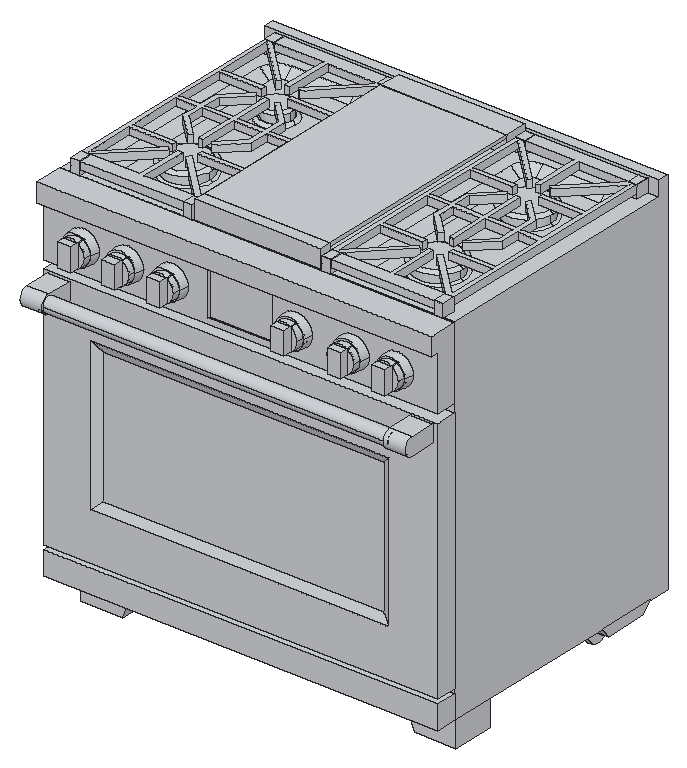
Revit family "DF36450G_S_P", category Generic Models, Revit 2020
Family settings
  Can host rebar = No
  Round Connector Dimension = Use Diameter
  Part Type = Normal
  Work Plane-Based = No
  Always vertical = Yes
  Cut with Voids When Loaded = No
  Shared = No
  Room Calculation Point = No
Parameters
  Default Elevation = 0' - 0"
Reference planes (in)
  plane 1 "Center (Front/Back)": y = 0
  plane 2: z = 0
  plane 3 "Center (Left/Right)": x = 0
Forms (in)
  Extrusion 1, solid
    sketch origin (0, 0, 0) x (0, 1, 0) y (0, 0, 1)
      loop
        line (1.88976, 35.59055) -> (-0.70866, 35.59055) -> (-0.70866, 33.89764) -> (0, 33.89764) -> (0, 28.9252) -> (1.88976, 28.9252) -> (1.88976, 35.59055)
    from 0 to 35.86614
  Extrusion 2, solid
    sketch origin (0, 0, 0) x (0, 1, 0) y (0, 0, 1)
      loop
        line (26.14173, 36.9685) -> (25.15748, 36.9685) -> (25.15748, 35.59055) -> (1.9685, 35.59055) -> (1.9685, 3.14961) -> (26.14173, 3.14961) -> (26.14173, 36.9685)
    from 0 to 35.86614
  Extrusion 3, solid
    sketch origin (0, 0, 0) x (0, 1, 0) y (0, 0, 1)
      loop
        line (1.9685, 5.31496) -> (0, 5.31496) -> (0, 3.14961) -> (1.9685, 3.14961) -> (1.9685, 5.31496)
    from 0 to 35.86614
  Extrusion 4, solid
    sketch origin (0, 0, 0) x (0, 1, 0) y (0, 0, 1)
      loop
        line (0, 28.18898) -> (0, 5.70866) -> (1.9685, 5.70866) -> (1.9685, 28.18898) -> (0, 28.18898)
    from 0 to 35.86614
  Extrusion 5, solid
    sketch origin (0, 0, 0) x (0, 1, 0) y (0, 0, 1)
      loop
        line (0, 26.41732) -> (0, 27.99213) -> (-2.3622, 27.99213)
        arc (-2.3622, 27.99213) -> (-3.14961, 27.20472) -> (-2.3622, 26.41732) r 0.7874
        line (-2.3622, 26.41732) -> (0, 26.41732)
    from 0.40557 to 2.36419
  Extrusion 6, solid
    sketch origin (26.75, 0, 0) x (0, 1, 0) y (0, 0, 1)
      loop
        line (0, 26.41732) -> (0, 27.99213) -> (-2.3622, 27.99213)
        arc (-2.3622, 27.99213) -> (-3.14961, 27.20472) -> (-2.3622, 26.41732) r 0.7874
        line (-2.3622, 26.41732) -> (0, 26.41732)
    from 6.69488 to 8.70866
  Extrusion 7, solid
    sketch origin (0, 0, 0) x (0, 1, 0) y (0, 0, 1)
      loop
        circle (-2.41707, 27.24489) r 0.66649
    from 1.8261 to 33.83672
  Extrusion 8, solid
    sketch origin (0, 0, 0) x (1, 0, 0) y (0, 0, 1)
      loop
        line (0.84646, 3.14961) -> (0.84646, 0) -> (4.66535, 0) -> (5.90551, 3.14961) -> (0.84646, 3.14961)
    from -7.02923 to -3.18791
  Extrusion 9, solid
    sketch origin (5.98425, 0, 0) x (1, 0, 0) y (0, 0, 1)
      loop
        line (23.97638, 3.14961) -> (25.21654, 0) -> (29.03543, 0) -> (29.03543, 3.14961) -> (23.97638, 3.14961)
    from -7.02923 to -3.18791
  Extrusion 10, solid
    sketch origin (0, 0, 0) x (0, 1, 0) y (0, 0, 1)
      loop
        line (24.17323, 3.14961) -> (18.66142, 3.14961) -> (19.45248, 2.27893) -> (23.38927, 2.27893) -> (24.17323, 3.14961)
    from 0 to 4.72441
  Extrusion 11, solid
    sketch origin (0, 0, 0) x (0, 1, 0) y (0, 0, 1)
      loop
        line (22.5954, 2.27893) -> (20.23924, 2.27893) -> (21.02362, 1.10236) -> (21.81102, 1.10236) -> (22.5954, 2.27893)
    from 1.5748 to 3.93701
  Extrusion 12, solid
    sketch origin (0, 0, 0) x (0, 1, 0) y (0, 0, 1)
      loop
        circle (21.41732, 1.10236) r 1.1236
    from 2.55906 to 2.95276
  Extrusion 13, solid
    sketch origin (31.14173, 0, 0) x (0, 1, 0) y (0, 0, 1)
      loop
        line (24.17323, 3.14961) -> (18.66142, 3.14961) -> (19.45248, 2.27893) -> (23.38927, 2.27893) -> (24.17323, 3.14961)
    from 0 to 4.72441
  Extrusion 14, solid
    sketch origin (30.35735, 0, 0) x (0, 1, 0) y (0, 0, 1)
      loop
        line (22.5954, 2.27893) -> (20.23924, 2.27893) -> (21.02362, 1.10236) -> (21.81102, 1.10236) -> (22.5954, 2.27893)
    from 1.5748 to 3.93701
  Extrusion 15, solid
    sketch origin (30.35735, 0, 0) x (0, 1, 0) y (0, 0, 1)
      loop
        circle (21.41732, 1.10236) r 1.1236
    from 2.55906 to 2.95276
  Blend 16, solid
    base sketch origin (0, 0, 0) x (1, 0, 0) y (0, 0, 1)
      loop
        circle (3.62205, 31.31299) r 1.45314
    top sketch origin (0, 0, 0) x (1, 0, 0) y (0, 0, 1)
      loop
        circle (3.62205, 31.31299) r 1.33532
    from 0 to 0.7874
  Extrusion 17, solid
    sketch origin (0, 0, 0) x (1, 0, 0) y (0, 0, 1)
      loop
        circle (3.62205, 31.31299) r 1.21601
    from 0 to 1.37795
  Extrusion 18, solid
    sketch origin (0, 0, 0) x (1, 0, 0) y (0, 0, 1)
      loop
        line (3.0315, 32.37598) -> (3.0315, 30.29013) -> (4.2126, 30.29013) -> (4.2126, 32.37598) -> (3.0315, 32.37598)
    from 0 to 2.15573
  Blend 19, solid, not visible
    base sketch origin (0, 0, 0) x (1, 0, 0) y (0, 0, 1)
      loop
        circle (3.62205, 31.31299) r 1.45314
    top sketch origin (0, 0, 0) x (1, 0, 0) y (0, 0, 1)
      loop
        circle (3.62205, 31.31299) r 1.33532
    from 0 to 0.7874
  Extrusion 20, solid, not visible
    sketch origin (0, 0, 0) x (1, 0, 0) y (0, 0, 1)
      loop
        circle (3.62205, 31.31299) r 1.21601
    from 0 to 1.37795
  Extrusion 21, solid, not visible
    sketch origin (0, 0, 0) x (1, 0, 0) y (0, 0, 1)
      loop
        line (3.0315, 32.37598) -> (3.0315, 30.29013) -> (4.2126, 30.29013) -> (4.2126, 32.37598) -> (3.0315, 32.37598)
    from 0 to 2.15573
  Blend 22, solid
    base sketch origin (4.01575, 0, 0) x (1, 0, 0) y (0, 0, 1)
      loop
        circle (3.62205, 31.31299) r 1.45314
    top sketch origin (4.01575, 0, 0) x (1, 0, 0) y (0, 0, 1)
      loop
        circle (3.62205, 31.31299) r 1.33532
    from 0 to 0.7874
  Extrusion 23, solid
    sketch origin (4.01575, 0, 0) x (1, 0, 0) y (0, 0, 1)
      loop
        circle (3.62205, 31.31299) r 1.21601
    from 0 to 1.37795
  Extrusion 24, solid
    sketch origin (4.01575, 0, 0) x (1, 0, 0) y (0, 0, 1)
      loop
        line (3.0315, 32.37598) -> (3.0315, 30.29013) -> (4.2126, 30.29013) -> (4.2126, 32.37598) -> (3.0315, 32.37598)
    from 0 to 2.15573
  Blend 25, solid
    base sketch origin (8.09755, 0, 0) x (1, 0, 0) y (0, 0, 1)
      loop
        circle (3.62205, 31.31299) r 1.45314
    top sketch origin (8.09755, 0, 0) x (1, 0, 0) y (0, 0, 1)
      loop
        circle (3.62205, 31.31299) r 1.33532
    from 0 to 0.7874
  Extrusion 26, solid
    sketch origin (8.09755, 0, 0) x (1, 0, 0) y (0, 0, 1)
      loop
        circle (3.62205, 31.31299) r 1.21601
    from 0 to 1.37795
  Extrusion 27, solid
    sketch origin (8.09755, 0, 0) x (1, 0, 0) y (0, 0, 1)
      loop
        line (3.0315, 32.37598) -> (3.0315, 30.29013) -> (4.2126, 30.29013) -> (4.2126, 32.37598) -> (3.0315, 32.37598)
    from 0 to 2.15573
  Blend 28, solid
    base sketch origin (19.36322, 0, 0) x (1, 0, 0) y (0, 0, 1)
      loop
        circle (3.62205, 31.31299) r 1.45314
    top sketch origin (19.36322, 0, 0) x (1, 0, 0) y (0, 0, 1)
      loop
        circle (3.62205, 31.31299) r 1.33532
    from 0 to 0.7874
  Extrusion 29, solid
    sketch origin (19.36322, 0, 0) x (1, 0, 0) y (0, 0, 1)
      loop
        circle (3.62205, 31.31299) r 1.21601
    from 0 to 1.37795
  Extrusion 30, solid
    sketch origin (19.36322, 0, 0) x (1, 0, 0) y (0, 0, 1)
      loop
        line (3.0315, 32.37598) -> (3.0315, 30.29013) -> (4.2126, 30.29013) -> (4.2126, 32.37598) -> (3.0315, 32.37598)
    from 0 to 2.15573
  Blend 31, solid
    base sketch origin (24.52756, 0, 0) x (1, 0, 0) y (0, 0, 1)
      loop
        circle (3.62205, 31.31299) r 1.45314
    top sketch origin (24.52756, 0, 0) x (1, 0, 0) y (0, 0, 1)
      loop
        circle (3.62205, 31.31299) r 1.33532
    from 0 to 0.7874
  Extrusion 32, solid
    sketch origin (24.52756, 0, 0) x (1, 0, 0) y (0, 0, 1)
      loop
        circle (3.62205, 31.31299) r 1.21601
    from 0 to 1.37795
  Extrusion 33, solid
    sketch origin (24.52756, 0, 0) x (1, 0, 0) y (0, 0, 1)
      loop
        line (3.0315, 32.37598) -> (3.0315, 30.29013) -> (4.2126, 30.29013) -> (4.2126, 32.37598) -> (3.0315, 32.37598)
    from 0 to 2.15573
  Extrusion 34, void
    sketch origin (0, 0, 0) x (1, 0, 0) y (0, 0, 1)
      loop
        line (20.89567, 33.47638) -> (14.96654, 33.47638) -> (14.96654, 29.46063) -> (20.89567, 29.46063) -> (20.89567, 33.47638)
    from -0.22861 to 12
  Blend 35, void
    base sketch origin (0, 0, 0) x (1, 0, 0) y (0, 0, 1)
      loop
        line (5.09843, 23.05118) -> (5.09843, 10.84646) -> (30.62992, 10.84646) -> (30.62992, 23.05118) -> (5.09843, 23.05118)
    top sketch origin (0, 0, 0) x (1, 0, 0) y (0, 0, 1)
      loop
        line (31.41732, 23.83858) -> (4.31102, 23.83858) -> (4.31102, 10.05905) -> (31.41732, 10.05905) -> (31.41732, 23.83858)
    from -0.3937 to 0
  Blend 36, void
    base sketch origin (-0.55118, 0, 0) x (1, 0, 0) y (0, 1, 0)
      loop
        arc (4.14855, 22.95276) -> (3.56747, 22.71206) -> (3.32677, 22.13098) r 0.82178
        line (3.32677, 22.13098) -> (3.32677, 4.8769)
        arc (3.32677, 4.8769) -> (3.56747, 4.29581) -> (4.14855, 4.05512) r 0.82178
        line (4.14855, 4.05512) -> (9.98531, 4.05512)
        arc (9.98531, 4.05512) -> (10.56639, 4.29581) -> (10.80709, 4.8769) r 0.82178
        line (10.80709, 4.8769) -> (10.80709, 22.13098)
        arc (10.80709, 22.13098) -> (10.56639, 22.71206) -> (9.98531, 22.95276) r 0.82178
        line (9.98531, 22.95276) -> (4.14855, 22.95276)
    top sketch origin (-0.55118, 0, 0) x (1, 0, 0) y (0, 1, 0)
      loop
        arc (4.12346, 23.74016) -> (2.98272, 23.26764) -> (2.5102, 22.1269) r 1.61326
        line (2.5102, 22.1269) -> (2.5102, 4.8769)
        arc (2.5102, 4.8769) -> (2.98101, 3.74026) -> (4.11765, 3.26945) r 1.60744
        line (4.11765, 3.26945) -> (10.0306, 3.26945)
        arc (10.0306, 3.26945) -> (11.13644, 3.7275) -> (11.59449, 4.83334) r 1.56388
        line (11.59449, 4.83334) -> (11.59449, 22.13098)
        arc (11.59449, 22.13098) -> (11.12317, 23.26884) -> (9.98531, 23.74016) r 1.60918
        line (9.98531, 23.74016) -> (4.12346, 23.74016)
    from 34.80848 to 35.59055
  Blend 37, void
    base sketch origin (22.28547, 0, 0) x (1, 0, 0) y (0, 1, 0)
      loop
        arc (4.14855, 22.95276) -> (3.56747, 22.71206) -> (3.32677, 22.13098) r 0.82178
        line (3.32677, 22.13098) -> (3.32677, 4.8769)
        arc (3.32677, 4.8769) -> (3.56747, 4.29581) -> (4.14855, 4.05512) r 0.82178
        line (4.14855, 4.05512) -> (9.98531, 4.05512)
        arc (9.98531, 4.05512) -> (10.56639, 4.29581) -> (10.80709, 4.8769) r 0.82178
        line (10.80709, 4.8769) -> (10.80709, 22.13098)
        arc (10.80709, 22.13098) -> (10.56639, 22.71206) -> (9.98531, 22.95276) r 0.82178
        line (9.98531, 22.95276) -> (4.14855, 22.95276)
    top sketch origin (22.28547, 0, 0) x (1, 0, 0) y (0, 1, 0)
      loop
        arc (4.12346, 23.74016) -> (2.98272, 23.26764) -> (2.5102, 22.1269) r 1.61326
        line (2.5102, 22.1269) -> (2.5102, 4.8769)
        arc (2.5102, 4.8769) -> (2.98101, 3.74026) -> (4.11765, 3.26945) r 1.60744
        line (4.11765, 3.26945) -> (10.0306, 3.26945)
        arc (10.0306, 3.26945) -> (11.13644, 3.7275) -> (11.59449, 4.83334) r 1.56388
        line (11.59449, 4.83334) -> (11.59449, 22.13098)
        arc (11.59449, 22.13098) -> (11.12317, 23.26884) -> (9.98531, 23.74016) r 1.60918
        line (9.98531, 23.74016) -> (4.12346, 23.74016)
    from 34.80848 to 35.59055
  Extrusion 38, solid
    sketch origin (-0.55118, 0, 0) x (1, 0, 0) y (0, 1, 0)
      loop
        line (1.55512, 25.15748) -> (1.55512, 1.88976) -> (12.57874, 1.88976) -> (12.57874, 25.15748) -> (1.55512, 25.15748)
      loop
        line (2.22659, 23.93701) -> (6.25887, 19.90473) -> (5.97639, 19.62225) -> (1.94342, 23.65522) -> (1.94342, 18.58268) -> (5.88583, 18.58268) -> (5.88583, 18.18898) -> (1.94342, 18.18898) -> (1.94342, 13.70079) -> (3.91732, 13.70079) -> (3.91732, 15.35713) -> (5.94192, 17.38172) -> (6.22031, 17.10333) -> (4.31102, 15.19405) -> (4.31102, 13.70079) -> (6.87008, 13.70079) -> (6.87008, 17.27886) -> (7.26545, 17.27886) -> (7.26545, 13.70079) -> (9.82036, 13.70079) -> (9.82036, 15.19738) -> (7.91548, 17.10225) -> (8.19345, 17.38021) -> (10.21654, 15.35713) -> (10.21654, 13.70079) -> (12.18504, 13.70079) -> (12.18504, 18.18898) -> (8.24803, 18.18898) -> (8.24803, 18.58268) -> (12.18504, 18.58268) -> (12.18504, 23.65908) -> (8.15161, 19.62565) -> (7.86344, 19.91382) -> (11.88664, 23.93701) -> (7.26378, 23.93701) -> (7.26378, 19.6063) -> (6.87008, 19.6063) -> (6.87008, 23.93701) -> (2.22659, 23.93701)
      loop
        line (9.82036, 11.79288) -> (9.82036, 13.30709) -> (7.26545, 13.30709) -> (7.26545, 9.74409) -> (6.87008, 9.74409) -> (6.87008, 13.30709) -> (4.31102, 13.30709) -> (4.31102, 11.81382) -> (6.22187, 9.90297) -> (5.94348, 9.62459) -> (3.91732, 11.65075) -> (3.91732, 13.31073) -> (1.94342, 13.31073) -> (1.94342, 8.38583) -> (5.88583, 8.38583) -> (5.88583, 7.99213) -> (1.94342, 7.99213) -> (1.94342, 3.37305) -> (5.97438, 7.40401) -> (6.26736, 7.11102) -> (2.22655, 3.07021) -> (6.86986, 3.07021) -> (6.86986, 7.40401) -> (7.26545, 7.40401) -> (7.26545, 3.07021) -> (11.90457, 3.07021) -> (7.84812, 7.12666) -> (8.11918, 7.39772) -> (12.18504, 3.33186) -> (12.18504, 7.99213) -> (8.24803, 7.99213) -> (8.24803, 8.38583) -> (12.18504, 8.38583) -> (12.18504, 13.30709) -> (10.21654, 13.30709) -> (10.21654, 11.65075) -> (8.19038, 9.62459) -> (7.92122, 9.89374) -> (9.82036, 11.79288)
    from 36.10253 to 36.77165
  Extrusion 39, solid
    sketch origin (-0.55118, 0, 0) x (1, 0, 0) y (0, 1, 0)
      loop
        line (11.79134, 3.07021) -> (11.79134, 1.88976) -> (12.57874, 1.88976) -> (12.57874, 3.07021) -> (11.79134, 3.07021)
      loop
        line (12.57874, 25.11811) -> (11.79134, 25.11811) -> (11.79134, 23.93701) -> (12.57874, 23.93701) -> (12.57874, 25.11811)
      loop
        line (1.55512, 25.11811) -> (1.55512, 23.93701) -> (2.34252, 23.93701) -> (2.34252, 25.11811) -> (1.55512, 25.11811)
      loop
        line (2.34252, 3.07021) -> (1.55512, 3.07021) -> (1.55512, 1.88976) -> (2.34252, 1.88976) -> (2.34252, 3.07021)
    from 35.59055 to 36.77165
  Extrusion 40, solid
    sketch origin (22.2818, 0, 0) x (1, 0, 0) y (0, 1, 0)
      loop
        line (1.55512, 25.15748) -> (1.55512, 1.88976) -> (12.57874, 1.88976) -> (12.57874, 25.15748) -> (1.55512, 25.15748)
      loop
        line (2.22659, 23.93701) -> (6.25887, 19.90473) -> (5.97639, 19.62225) -> (1.94342, 23.65522) -> (1.94342, 18.58268) -> (5.88583, 18.58268) -> (5.88583, 18.18898) -> (1.94342, 18.18898) -> (1.94342, 13.70079) -> (3.91732, 13.70079) -> (3.91732, 15.35713) -> (5.94192, 17.38172) -> (6.22031, 17.10333) -> (4.31102, 15.19405) -> (4.31102, 13.70079) -> (6.87008, 13.70079) -> (6.87008, 17.27886) -> (7.26545, 17.27886) -> (7.26545, 13.70079) -> (9.82036, 13.70079) -> (9.82036, 15.19738) -> (7.91548, 17.10225) -> (8.19345, 17.38021) -> (10.21654, 15.35713) -> (10.21654, 13.70079) -> (12.18504, 13.70079) -> (12.18504, 18.18898) -> (8.24803, 18.18898) -> (8.24803, 18.58268) -> (12.18504, 18.58268) -> (12.18504, 23.65908) -> (8.15161, 19.62565) -> (7.86344, 19.91382) -> (11.88664, 23.93701) -> (7.26378, 23.93701) -> (7.26378, 19.6063) -> (6.87008, 19.6063) -> (6.87008, 23.93701) -> (2.22659, 23.93701)
      loop
        line (9.82036, 11.79288) -> (9.82036, 13.30709) -> (7.26545, 13.30709) -> (7.26545, 9.74409) -> (6.87008, 9.74409) -> (6.87008, 13.30709) -> (4.31102, 13.30709) -> (4.31102, 11.81382) -> (6.22187, 9.90297) -> (5.94348, 9.62459) -> (3.91732, 11.65075) -> (3.91732, 13.31073) -> (1.94342, 13.31073) -> (1.94342, 8.38583) -> (5.88583, 8.38583) -> (5.88583, 7.99213) -> (1.94342, 7.99213) -> (1.94342, 3.37305) -> (5.97438, 7.40401) -> (6.26736, 7.11102) -> (2.22655, 3.07021) -> (6.86986, 3.07021) -> (6.86986, 7.40401) -> (7.26545, 7.40401) -> (7.26545, 3.07021) -> (11.90457, 3.07021) -> (7.84812, 7.12666) -> (8.11918, 7.39772) -> (12.18504, 3.33186) -> (12.18504, 7.99213) -> (8.24803, 7.99213) -> (8.24803, 8.38583) -> (12.18504, 8.38583) -> (12.18504, 13.30709) -> (10.21654, 13.30709) -> (10.21654, 11.65075) -> (8.19038, 9.62459) -> (7.92122, 9.89374) -> (9.82036, 11.79288)
    from 36.10253 to 36.77165
  Extrusion 41, solid
    sketch origin (22.2818, 0, 0) x (1, 0, 0) y (0, 1, 0)
      loop
        line (11.79134, 3.07021) -> (11.79134, 1.88976) -> (12.57874, 1.88976) -> (12.57874, 3.07021) -> (11.79134, 3.07021)
      loop
        line (12.57874, 25.11811) -> (11.79134, 25.11811) -> (11.79134, 23.93701) -> (12.57874, 23.93701) -> (12.57874, 25.11811)
      loop
        line (1.55512, 25.11811) -> (1.55512, 23.93701) -> (2.34252, 23.93701) -> (2.34252, 25.11811) -> (1.55512, 25.11811)
      loop
        line (2.34252, 3.07021) -> (1.55512, 3.07021) -> (1.55512, 1.88976) -> (2.34252, 1.88976) -> (2.34252, 3.07021)
    from 35.59055 to 36.77165
  Blend 42, solid
    base sketch origin (-0.55118, 0, 0) x (1, 0, 0) y (0, 1, 0)
      loop
        circle (7.09071, 18.35456) r 1.75898
    top sketch origin (-0.55118, 0, 0) x (1, 0, 0) y (0, 1, 0)
      loop
        circle (7.09071, 18.35456) r 1.42487
    from 34.80848 to 34.99711
  Blend 43, solid
    base sketch origin (-0.55118, -10.19685, 0) x (1, 0, 0) y (0, 1, 0)
      loop
        circle (7.09071, 18.35456) r 2.38325
    top sketch origin (-0.55118, -10.19685, 0) x (1, 0, 0) y (0, 1, 0)
      loop
        circle (7.09071, 18.35456) r 2
    from 34.80848 to 34.99711
  Extrusion 44, solid
    sketch origin (-0.55118, 0, 0) x (1, 0, 0) y (0, 1, 0)
      loop
        circle (7.10752, 18.34098) r 1.28657
    from 34.80848 to 35.7874
  Extrusion 45, solid
    sketch origin (-0.55118, -10.19685, 0) x (1, 0, 0) y (0, 1, 0)
      loop
        circle (7.10752, 18.34098) r 2.08832
    from 34.80848 to 35.7874
  Blend 46, solid
    base sketch origin (-0.55118, 0, 0.97892) x (1, 0, 0) y (0, 1, 0)
      loop
        circle (7.09071, 18.35456) r 1.42487
    top sketch origin (-0.55118, 0, 0.97892) x (1, 0, 0) y (0, 1, 0)
      loop
        circle (7.09071, 18.35456) r 1.25
    from 34.80848 to 34.99711
  Blend 47, solid
    base sketch origin (-0.55118, -10.19685, 0.97892) x (1, 0, 0) y (0, 1, 0)
      loop
        circle (7.09071, 18.35456) r 2.38325
    top sketch origin (-0.55118, -10.19685, 0.97892) x (1, 0, 0) y (0, 1, 0)
      loop
        circle (7.09071, 18.35456) r 2
    from 34.80848 to 34.99711
  Blend 48, solid
    base sketch origin (22.2818, 0, 0) x (1, 0, 0) y (0, 1, 0)
      loop
        circle (7.09071, 18.35456) r 2.38325
    top sketch origin (22.2818, 0, 0) x (1, 0, 0) y (0, 1, 0)
      loop
        circle (7.09071, 18.35456) r 2
    from 34.80848 to 34.99711
  Extrusion 49, solid
    sketch origin (22.2818, 0, 0) x (1, 0, 0) y (0, 1, 0)
      loop
        circle (7.10752, 18.34098) r 2.08832
    from 34.80848 to 35.7874
  Blend 50, solid
    base sketch origin (22.2818, 0, 0.97892) x (1, 0, 0) y (0, 1, 0)
      loop
        circle (7.09071, 18.35456) r 2.38325
    top sketch origin (22.2818, 0, 0.97892) x (1, 0, 0) y (0, 1, 0)
      loop
        circle (7.09071, 18.35456) r 2
    from 34.80848 to 34.99711
  Blend 51, solid
    base sketch origin (22.2818, -10.19685, 0) x (1, 0, 0) y (0, 1, 0)
      loop
        circle (7.09071, 18.35456) r 2.38325
    top sketch origin (22.2818, -10.19685, 0) x (1, 0, 0) y (0, 1, 0)
      loop
        circle (7.09071, 18.35456) r 2
    from 34.80848 to 34.99711
  Extrusion 52, solid
    sketch origin (22.2818, -10.19685, 0) x (1, 0, 0) y (0, 1, 0)
      loop
        circle (7.10752, 18.34098) r 2.08832
    from 34.80848 to 35.7874
  Blend 53, solid
    base sketch origin (22.2818, -10.19685, 0.97892) x (1, 0, 0) y (0, 1, 0)
      loop
        circle (7.09071, 18.35456) r 2.38325
    top sketch origin (22.2818, -10.19685, 0.97892) x (1, 0, 0) y (0, 1, 0)
      loop
        circle (7.09071, 18.35456) r 2
    from 34.80848 to 34.99711
  Blend 54, solid
    base sketch origin (28.56299, 0, 0) x (1, 0, 0) y (0, 0, 1)
      loop
        circle (3.62205, 31.31299) r 1.45314
    top sketch origin (28.56299, 0, 0) x (1, 0, 0) y (0, 0, 1)
      loop
        circle (3.62205, 31.31299) r 1.33532
    from 0 to 0.7874
  Extrusion 55, solid
    sketch origin (28.56299, 0, 0) x (1, 0, 0) y (0, 0, 1)
      loop
        circle (3.62205, 31.31299) r 1.21601
    from 0 to 1.37795
  Extrusion 56, solid
    sketch origin (28.56299, 0, 0) x (1, 0, 0) y (0, 0, 1)
      loop
        line (3.0315, 32.37598) -> (3.0315, 30.29013) -> (4.2126, 30.29013) -> (4.2126, 32.37598) -> (3.0315, 32.37598)
    from 0 to 2.15573
  Blend 57, void
    base sketch origin (0, 0, 0) x (1, 0, 0) y (0, 1, 0)
      loop
        line (13.99606, 4.05512) -> (21.87008, 4.05512) -> (21.87008, 21.77165) -> (13.99606, 21.77165) -> (13.99606, 4.05512)
    top sketch origin (0, 0, 0) x (1, 0, 0) y (0, 1, 0)
      loop
        line (20.45276, 20.35433) -> (15.41339, 20.35433) -> (15.41339, 5.47244) -> (20.45276, 5.47244) -> (20.45276, 20.35433)
    from 35.89574 to 32.30587
  Extrusion 58, solid
    sketch origin (0, 0, 0) x (1, 0, 0) y (0, 1, 0)
      loop
        line (23.64173, 25.15748) -> (12.22441, 25.15748) -> (12.22441, 23.14961) -> (23.64173, 23.14961) -> (23.64173, 25.15748)
    from 35.59055 to 37.28346
  Extrusion 59, solid
    sketch origin (0, -22.08662, 0) x (1, 0, 0) y (0, 1, 0)
      loop
        line (23.64173, 25.15748) -> (12.22441, 25.15748) -> (12.22441, 24.05512) -> (23.64173, 24.05512) -> (23.64173, 25.15748)
    from 35.59055 to 37.28346
  Extrusion 60, solid
    sketch origin (0, -11.08268, 0) x (1, 0, 0) y (0, 1, 0)
      loop
        line (23.64173, 34.23228) -> (12.22441, 34.23228) -> (12.22441, 14.15289) -> (23.64173, 14.15289) -> (23.64173, 34.23228)
    from 36.9685 to 37.28346
Cuts and joins
  Extrusion 34 cuts Extrusion 1
  Blend 35 cuts Extrusion 4
  Blend 36, Blend 37, Blend 57 cuts Extrusion 2
  Blend 36 cuts Extrusion 8
  Blend 36 cuts Extrusion 10
  Blend 36 cuts Extrusion 11
Dimensions and locks (in)
  aligned and locked: plane 2 to level
